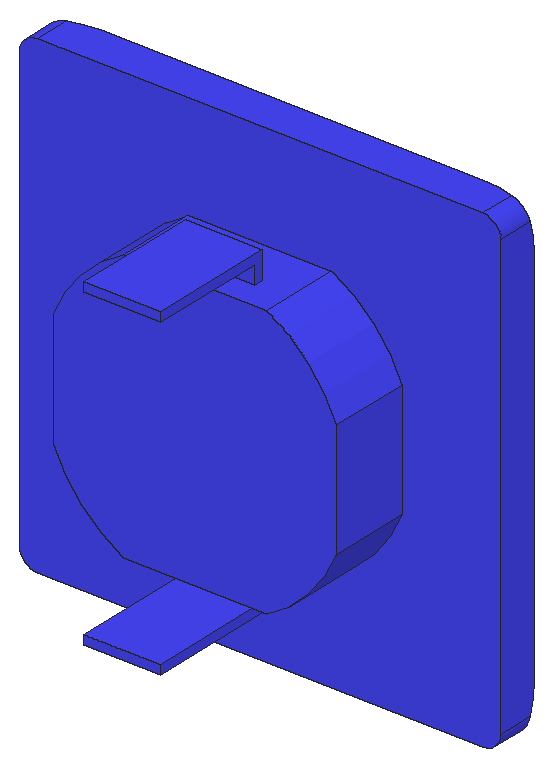
Revit family "IEK_РозеткаКомпьютерная_Встраиваемая_Одноместная IP20_ВЕГА", category Устройства связи, Revit 2019
Family settings
  Сохранять ориентацию аннотаций = Да
  Размер круглого соединителя = Использовать диаметр
  Тип детали = Нормальный
  На основе рабочей плоскости = Нет
  Всегда вертикально = Да
  При загрузке вырезать с полостями = Нет
  Общий = Нет
  Точка расчета площади = Нет
Parameters (values of type "РК10-ВБ RJ45 Cat5e")
  Ширина = 81.5 mm  # constant formula
  Тип монтажа = "Встраиваемый"  # constant formula
  Степень защиты = "IP20"  # constant formula
  Изготовитель = "IEK"  # constant formula
  Дата изменения = ""
  Глубина = 42.2 mm  # constant formula
  Высота = 81 mm  # constant formula
  ΔХ [instance] = 2000 mm
  ΔY [instance] = 2000 mm
  KSI_CPr_Строительные изделия = ""
  KSI_CMa_Строительные материалы = "01.7.14.03"  # constant formula
  IEK_Цена за единицу = 228.44
  IEK_Поиск в таблице имен = ""
  IEK_Описание = "Электроустановочные изделия серии \"ВЕГА\" IEK включают в себя розетки и выключатели для скрытого монтажа, которые хорошо впишутся в любой интерьер квартир, загородных домов, офисных и производственных помещений."
  IEK_URL = "https://www.iek.ru/products/catalog/izdeliya_elektroustanovochnye_udliniteli_i_silovye_razemy/elektroustanovochnye_izdeliya/elektroustanovochnye_izdeliya_skrytogo_montazha/elektroustanovochnye_izdeliya_vega/rozetka_1_mestnaya_kompyuternaya_rk10_vb_rj45_cat5e_vega_belyy_iek"
  ADSK_Примечание = ""
  ADSK_Позиция [instance] = ""
  ADSK_Наименование = "Розетка 1-местная компьютерная РК10-ВБ RJ45 Cat5e ВЕГА белый IEK"
  ADSK_Материал обозначение = ""
  ADSK_Материал наименование = "АБС-пластик"  # constant formula
  ADSK_Материал = Цвет белый
  ADSK_Масса = 0.044
  ADSK_Марка = "ВЕГА"  # constant formula
  ADSK_Код изделия = "EKV15-K01-DM"
  ADSK_Завод-изготовитель = "IEK"  # constant formula
  ADSK_Единица измерения = "шт"  # constant formula
  ADSK_Группирование = ""
  ADSK_Версия семейства = "1.00"  # constant formula
  ADSK_Версия Revit = "2019"  # constant formula
  ADSK_URL страницы изделия = "https://www.iek.ru/products/catalog/izdeliya_elektroustanovochnye_udliniteli_i_silovye_razemy/elektroustanovochnye_izdeliya/elektroustanovochnye_izdeliya_skrytogo_montazha/elektroustanovochnye_izdeliya_vega/?pagec=100"
Reference planes
  plane 1 "По центру (Вперед/Назад)": y = 0
  plane 2: z = 0
  plane 3 "По центру (Влево/Вправо)": x = 0
  plane 4 "Высота ножек": z = 280
  plane 5 "Высота": z = 2081.496
  plane 6: x = -2000
  plane 7: y = 2000
Forms (mm)
  Extrusion 1, solid, material "Цвет белый" <- "ADSK_Материал", detail levels fine
    sketch origin (0, 0, 40.187) x (-1, 0, 0) y (0, 0, 1)
      loop
        arc (-12.124, 23) -> (-19.255, 17.479) -> (-24, 9.811) r 25.342
        line (-24, 9.811) -> (-24, -9.811)
        arc (-24, -9.811) -> (-19.255, -17.479) -> (-12.124, -23) r 25.342
        line (-12.124, -23) -> (12.124, -23)
        arc (12.124, -23) -> (19.255, -17.479) -> (24, -9.811) r 25.342
        line (24, -9.811) -> (24, 9.811)
        arc (24, 9.811) -> (19.255, 17.479) -> (12.124, 23) r 25.342
        line (12.124, 23) -> (-12.124, 23)
    from 0 to -13.704
  Extrusion 2, solid, material "Цвет белый" <- "ADSK_Материал", detail levels fine
    sketch origin (0, 0, 40.187) x (-1, 0, 0) y (0, 0, 1)
      loop
        arc (-37.75, 40.813) -> (-39.871, 39.934) -> (-40.75, 37.813) r 3
        line (-40.75, 37.813) -> (-40.75, -37.25)
        arc (-40.75, -37.25) -> (-39.871, -39.371) -> (-37.75, -40.25) r 3
        line (-37.75, -40.25) -> (37.75, -40.25)
        arc (37.75, -40.25) -> (39.871, -39.371) -> (40.75, -37.25) r 3
        line (40.75, -37.25) -> (40.75, 37.813)
        arc (40.75, 37.813) -> (39.871, 39.934) -> (37.75, 40.813) r 3
        line (37.75, 40.813) -> (-37.75, 40.813)
    from 0 to 10
  Extrusion 3, void
    sketch origin (0, 0, 40.187) x (-1, 0, 0) y (0, 0, 1)
      loop
        line (5, -2.5) -> (5, 2.5) -> (3.46, 2.5) -> (3.46, 4.216) -> (1.531, 4.216) -> (1.531, 5.786) -> (0, 5.786) -> (-1.531, 5.786) -> (-1.531, 4.216) -> (-3.46, 4.216) -> (-3.46, 2.5) -> (-5, 2.5) -> (-5, -2.5) -> (5, -2.5)
    from 5 to 11.9
  Extrusion 4, solid, material "Цвет белый" <- "ADSK_Материал", detail levels fine
    sketch origin (-40.3, 9.274, 40.3) x (0, 0, -1) y (0, 1, 0)
      loop
        line (23.113, -17) -> (23.113, -18.5) -> (26, -18.5) -> (26, -38.474) -> (27.5, -38.474) -> (27.5, -17) -> (23.113, -17)
      loop
        line (-22.887, -17) -> (-27.5, -17) -> (-27.5, -38.474) -> (-26, -38.474) -> (-26, -18.5) -> (-22.887, -18.5) -> (-22.887, -17)
    from 33.8 to 46.8
  Extrusion 5, solid, material "Условный материал-отделка", detail levels coarse
    sketch origin (0, 0, 0) x (1, 0, 0) y (0, 1, 0)
      loop
        line (-40.75, 13) -> (-40.75, -29.2) -> (40.75, -29.2) -> (40.75, 13) -> (-40.75, 13)
    from 0 to 81
  Extrusion 6, solid, material "Условный материал-отделка", detail levels medium
    sketch origin (0, 1.1, 0) x (1, 0, 0) y (0, 1, 0)
      loop
        line (-40.75, 11.9) -> (-40.75, -30.3) -> (40.75, -30.3) -> (40.75, 11.9) -> (-40.75, 11.9)
    from 0 to 81
  Sweep 7, void
    path origin (0, 0, 0) x (1, 0, 0) y (0, 0, 1)
      loop
        line (32.71, 76) -> (-32.71, 76)
        arc (-32.71, 76) -> (-34.86, 75.11) -> (-35.75, 72.96) r 3.04
        line (-35.75, 72.96) -> (-35.75, 7.977)
        arc (-35.75, 7.977) -> (-34.86, 5.828) -> (-32.71, 4.937) r 3.04
        line (-32.71, 4.937) -> (32.71, 4.937)
        arc (32.71, 4.937) -> (34.86, 5.828) -> (35.75, 7.977) r 3.04
        line (35.75, 7.977) -> (35.75, 72.96)
        arc (35.75, 72.96) -> (34.86, 75.11) -> (32.71, 76) r 3.04
    profile origin (34.86, 0, 75.11) x (0.707107, 0, 0.707107) y (0, -1, 0)
      loop
        line (8.33, -5) -> (0, -10) -> (8.33, -10) -> (8.33, -5)
  Sweep 8, solid, material "Цвет белый" <- "ADSK_Материал", detail levels fine
    path origin (0, 0, 0) x (1, 0, 0) y (0, 0, 1)
      loop
        line (19, 63.187) -> (-19, 63.187)
        arc (-19, 63.187) -> (-22.536, 61.723) -> (-24, 58.187) r 5
        line (-24, 58.187) -> (-24, 22.187)
        arc (-24, 22.187) -> (-22.536, 18.652) -> (-19, 17.187) r 5
        line (-19, 17.187) -> (19, 17.187)
        arc (19, 17.187) -> (22.536, 18.652) -> (24, 22.187) r 5
        line (24, 22.187) -> (24, 58.187)
        arc (24, 58.187) -> (22.536, 61.723) -> (19, 63.187) r 5
    profile origin (0, 0, 63.187) x (0, 0, -1) y (0, -1, 0)
      loop
        line (0, -13) -> (0, -6.999) -> (-9.773, -6.999) -> (0, -13)
Cuts and joins
  Extrusion 3, Sweep 7 cuts Extrusion 2
Lines and regions (mm)
  reference lines
    curve 1: line (0, 32.62, 0) -> (0, -67.38, 0)
    curve 2: line (-40.265, 0, 0) -> (99.735, 0, 0)
Dimensions and locks
  locked: plane 4 "Высота ножек" to plane 2 at 280
  plane 5 "Высота" to plane 4 "Высота ножек" = 1801.496 mm
  "ΔХ": plane 6 to curve 1
  "ΔY": plane 7 to curve 2
  aligned and locked: level to plane 2
  aligned and locked: nested 1 to curve 1
  aligned and locked: curve 2 to nested 1
  aligned and locked: Extrusion 5 to Extrusion 6  (x2)
Automatic sketch dimensions
  plane 3 "По центру (Влево/Вправо)" to Extrusion 1 sketch curve = 24 mm
  plane 3 "По центру (Влево/Вправо)" to Extrusion 1 sketch curve = 12.124 mm  (x2)
  plane 3 "По центру (Влево/Вправо)" to Extrusion 1 sketch curve = 0.422 mm  (x2)
  Extrusion 1 sketch curve to plane 3 "По центру (Влево/Вправо)" = 0.422 mm  (x2)
  Extrusion 1 sketch curve to plane 3 "По центру (Влево/Вправо)" = 12.124 mm  (x2)
  Extrusion 1 sketch curve to Extrusion 1 sketch curve = 11.876 mm
  level to Extrusion 1 sketch curve = 17.187 mm
  Extrusion 1 sketch curve to Extrusion 1 sketch curve = 13.189 mm  (x2)
  Extrusion 1 sketch curve to Extrusion 1 sketch curve = 1.043 mm
  Extrusion 1 sketch curve to Extrusion 1 sketch curve = 0 mm
  Extrusion 1 sketch curve to Extrusion 1 sketch curve = 19.622 mm
  Extrusion 5 sketch curve to plane 3 "По центру (Влево/Вправо)" = 40.75 mm
  plane 3 "По центру (Влево/Вправо)" to Extrusion 5 sketch curve = 40.75 mm
  plane 1 "По центру (Вперед/Назад)" to Extrusion 5 sketch curve = 29.2 mm
  Extrusion 5 sketch curve to plane 1 "По центру (Вперед/Назад)" = 13 mm
  Extrusion 6 sketch curve to plane 3 "По центру (Влево/Вправо)" = 40.75 mm
  plane 3 "По центру (Влево/Вправо)" to Extrusion 6 sketch curve = 40.75 mm
  plane 1 "По центру (Вперед/Назад)" to Extrusion 6 sketch curve = 29.2 mm
  Extrusion 6 sketch curve to plane 1 "По центру (Вперед/Назад)" = 13 mm
  plane 1 "По центру (Вперед/Назад)" to Extrusion 4 sketch curve = 7.726 mm  (x2)
  level to Extrusion 4 sketch curve = 67.8 mm
  Extrusion 4 sketch curve to Extrusion 4 sketch curve = 1.5 mm  (x4)
  Extrusion 4 sketch curve to Extrusion 4 sketch curve = 3.113 mm
  level to Extrusion 4 sketch curve = 17.187 mm
  Extrusion 4 sketch curve to Extrusion 4 sketch curve = 2.887 mm
  Extrusion 4 sketch curve to Extrusion 4 sketch curve = 19.974 mm  (x2)
  level to Extrusion 2 sketch curve = 2.937 mm
  plane 3 "По центру (Влево/Вправо)" to Extrusion 2 sketch curve = 40.75 mm
  Extrusion 2 sketch curve to level = 0.063 mm
  Extrusion 2 sketch curve to Extrusion 2 sketch curve = 3 mm  (x2)
  Extrusion 2 sketch curve to plane 3 "По центру (Влево/Вправо)" = 37.75 mm  (x2)
  Extrusion 2 sketch curve to Extrusion 2 sketch curve = 75.063 mm
  Sweep 7 sketch curve to plane 3 "По центру (Влево/Вправо)" = 35.75 mm
  Sweep 7 sketch curve to Sweep 7 sketch curve = 3.04 mm  (x3)
  level to Sweep 7 sketch curve = 7.977 mm
  plane 3 "По центру (Влево/Вправо)" to Sweep 7 sketch curve = 32.71 mm  (x2)
  Sweep 7 sketch curve to Sweep 7 sketch curve = 64.984 mm
  Sweep 7 sketch curve to profile plane = 0 mm
  Sweep 7 sketch curve to Sweep 7 sketch curve = 8.33 mm
  Sweep 7 sketch curve to plane 1 "По центру (Вперед/Назад)" = 10 mm
  Sweep 7 sketch curve to plane 1 "По центру (Вперед/Назад)" = 5 mm
  Sweep 8 sketch curve to plane 3 "По центру (Влево/Вправо)" = 24 mm
  Sweep 8 sketch curve to Sweep 8 sketch curve = 5 mm  (x3)
  plane 3 "По центру (Влево/Вправо)" to Sweep 8 sketch curve = 19 mm  (x2)
  level to Sweep 8 sketch curve = 17.187 mm
  Sweep 8 sketch curve to Sweep 8 sketch curve = 36 mm
  Sweep 8 sketch curve to profile plane = 0 mm
  Sweep 8 sketch curve to plane 1 "По центру (Вперед/Назад)" = 13 mm
  Sweep 8 sketch curve to Sweep 8 sketch curve = 6.001 mm
  profile plane to Sweep 8 sketch curve = 9.773 mm
  Extrusion 3 sketch curve to plane 3 "По центру (Влево/Вправо)" = 0 mm
  plane 3 "По центру (Влево/Вправо)" to Extrusion 3 sketch curve = 1.531 mm
  Extrusion 3 sketch curve to Extrusion 3 sketch curve = 1.93 mm  (x2)
  Extrusion 3 sketch curve to Extrusion 3 sketch curve = 1.54 mm  (x2)
  Extrusion 3 sketch curve to plane 3 "По центру (Влево/Вправо)" = 1.531 mm
  level to Extrusion 3 sketch curve = 37.687 mm
  Extrusion 3 sketch curve to Extrusion 3 sketch curve = 5 mm  (x2)
  Extrusion 3 sketch curve to Extrusion 3 sketch curve = 1.716 mm  (x2)
  Extrusion 3 sketch curve to Extrusion 3 sketch curve = 1.571 mm
  curve 2 to plane 3 "По центру (Влево/Вправо)" = 40.265 mm
  plane 3 "По центру (Влево/Вправо)" to curve 2 = 99.735 mm
  plane 1 "По центру (Вперед/Назад)" to curve 1 = 67.38 mm
  curve 1 to plane 1 "По центру (Вперед/Назад)" = 32.62 mm
Nested families
  nested 1: "УГО Розетки связистской" at (0, 0, 0), type "Розетка сетевая (Интернет)", detail levels coarse+medium
Connectors
  electrical at (0, -8.1, 0)
    settings: on Extrusion 5, index 1, voltage 0 V, apparent load 0 VA, apparent load phase1 0 VA, apparent load phase2 0 VA, apparent load phase3 0 VA, power factor 1, load classification "Прочее", number of poles 1, system type 9, power factor state 1, is connector primary yes, connector utility no, sub classification motor no, connector description ""
Definition of nested family "УГО Розетки связистской"
  Parameters (values of type "Розетка телефонная")
    Розетка телефонная = yes
    Розетка сетевая (Интернет) = no
    Розетка сетевая и телефонная = no
    Розетка телевизионная = no
  Types (4, lengths in mm): name | Розетка телефонная | Розетка сетевая (Интернет) | Розетка сетевая и телефонная | Розетка телевизионная
    Розетка телевизионная | no | no | no | yes
    Розетка сетевая (Интернет) | no | yes | no | no
    Розетка сетевая и телефонная | no | no | yes | no
    Розетка телефонная | yes | no | no | no
  Reference planes
    plane 1: y = 0
    plane 2: x = 0
  Lines and regions (mm)
    Filled region 1, type "Цветовая область 1", visible <- "Розетка телефонная"
      outline origin (0, 0, 0) x (1, 0, 0) y (0, 1, 0)
        loop
          line (-0.512, 1.977) -> (-0.512, 3.023) -> (-1.53, 3.023) -> (-1.53, 1.977) -> (-0.512, 1.977)
        loop
          line (0.512, 1.977) -> (1.53, 1.977) -> (1.53, 3.023) -> (0.512, 3.023) -> (0.512, 1.977)
    Filled region 2, type "Цветовая область 1", visible <- "Розетка телефонная", not visible
      outline origin (0, 0, 0) x (1, 0, 0) y (0, 1, 0)
        loop
          line (8.078, 7.617) -> (8.078, 8.664) -> (7.06, 8.664) -> (7.06, 7.617) -> (8.078, 7.617)
        loop
          line (9.101, 7.617) -> (10.119, 7.617) -> (10.119, 8.664) -> (9.101, 8.664) -> (9.101, 7.617)
    Filled region 3, type "Цветовая область 1", visible <- "Розетка сетевая и телефонная"
      outline origin (0, 0, 0) x (1, 0, 0) y (0, 1, 0)
        loop
          line (0.994, 4) -> (0.994, 3) -> (1.994, 3) -> (1.994, 4) -> (0.994, 4)
        loop
          line (3.019, 3) -> (4.019, 3) -> (4.019, 4) -> (3.019, 4) -> (3.019, 3)
    Filled region 4, type "Цветовая область 1", visible <- "Розетка сетевая и телефонная", not visible
      outline origin (0, 0, 0) x (1, 0, 0) y (0, 1, 0)
        loop
          line (28.769, 14.987) -> (28.769, 13.987) -> (29.769, 13.987) -> (29.769, 14.987) -> (28.769, 14.987)
        loop
          line (30.794, 13.987) -> (31.794, 13.987) -> (31.794, 14.987) -> (30.794, 14.987) -> (30.794, 13.987)
    detail lines
      curve 1: line (0.006, 0, 0) -> (0.006, 2.454, 0)
      curve 2: line (0.006, 0, 0) -> (2.217, 0, 0)
    detail lines, visible <- "Розетка сетевая (Интернет)", not visible
      curve 3: line (2.5, 1.221, 0) -> (-2.5, 1.221, 0)
      curve 4: line (2.5, 6.221, 0) -> (-2.5, 6.221, 0)
      curve 5: line (0, 6.221, 0) -> (-2.5, 1.221, 0)
      curve 6: line (0, 6.221, 0) -> (2.5, 1.221, 0)
    detail lines, visible <- "Розетка телевизионная", not visible
      curve 7: line (19.458, 13.285, 0) -> (24.458, 13.285, 0)
      curve 8: line (19.458, 8.285, 0) -> (24.458, 8.285, 0)
      curve 9: line (21.958, 13.285, 0) -> (19.458, 8.285, 0)
      curve 10: line (21.958, 13.285, 0) -> (24.458, 8.285, 0)
    detail lines, visible <- "Розетка сетевая (Интернет)"
      curve 11: line (2.506, 0, 0) -> (-2.494, 0, 0)
      curve 12: line (2.506, 5, 0) -> (-2.494, 5, 0)
      curve 13: line (0.006, 5, 0) -> (-2.494, 0, 0)
      curve 14: line (0.006, 5, 0) -> (2.506, 0, 0)
    detail lines, visible <- "Розетка телевизионная"
      curve 15: line (-2.494, 5, 0) -> (2.506, 5, 0)
      curve 16: line (-2.494, 0, 0) -> (2.506, 0, 0)
      curve 17: line (0.006, 5, 0) -> (-2.494, 0, 0)
      curve 18: line (0.006, 5, 0) -> (2.506, 0, 0)
    detail lines, visible <- "Розетка телефонная"
      curve 19: circle (0.006, 2.5, 0) r 2.5 normal (0, 0, 1)
      curve 21: line (-1.53, 3.023, 0) -> (-1.53, 1.977, 0)
      curve 22: line (-1.53, 1.977, 0) -> (-0.512, 1.977, 0)
      curve 23: line (-0.512, 1.977, 0) -> (-0.512, 3.023, 0)
      curve 24: line (-0.512, 3.023, 0) -> (-1.53, 3.023, 0)
      curve 25: line (1.53, 3.023, 0) -> (1.53, 1.977, 0)
      curve 26: line (1.53, 1.977, 0) -> (0.512, 1.977, 0)
      curve 27: line (0.512, 1.977, 0) -> (0.512, 3.023, 0)
      curve 28: line (0.512, 3.023, 0) -> (1.53, 3.023, 0)
    detail lines, visible <- "Розетка телефонная", not visible
      curve 20: circle (8.596, 8.14, 0) r 2.5 normal (0, 0, 1)
      curve 29: line (7.06, 8.664, 0) -> (7.06, 7.617, 0)
      curve 30: line (7.06, 7.617, 0) -> (8.078, 7.617, 0)
      curve 31: line (8.078, 7.617, 0) -> (8.078, 8.664, 0)
      curve 32: line (8.078, 8.664, 0) -> (7.06, 8.664, 0)
      curve 33: line (10.119, 8.664, 0) -> (10.119, 7.617, 0)
      curve 34: line (10.119, 7.617, 0) -> (9.101, 7.617, 0)
      curve 35: line (9.101, 7.617, 0) -> (9.101, 8.664, 0)
      curve 36: line (9.101, 8.664, 0) -> (10.119, 8.664, 0)
    detail lines, visible <- "Розетка сетевая и телефонная"
      curve 37: line (-5.994, 7, 0) -> (6.006, 7, 0)
      curve 38: line (-5.994, 0, 0) -> (-5.994, 7, 0)
      curve 39: line (6.006, 0, 0) -> (-5.994, 0, 0)
      curve 40: line (6.006, 7, 0) -> (6.006, 0, 0)
      curve 41: line (-4.994, 1, 0) -> (0.006, 1, 0)
      curve 42: line (-2.474, 6, 0) -> (-4.994, 1, 0)
      curve 43: line (-2.474, 6, 0) -> (0.006, 1, 0)
      curve 44: circle (2.506, 3.5, 0) r 2.5 normal (0, 0, 1)
      curve 45: line (-4.994, 6, 0) -> (0.006, 6, 0)
      curve 46: line (0.994, 4, 0) -> (0.994, 3, 0)
      curve 47: line (0.994, 3, 0) -> (1.994, 3, 0)
      curve 48: line (1.994, 3, 0) -> (1.994, 4, 0)
      curve 49: line (1.994, 4, 0) -> (0.994, 4, 0)
      curve 50: line (4.019, 4, 0) -> (4.019, 3, 0)
      curve 51: line (4.019, 3, 0) -> (3.019, 3, 0)
      curve 52: line (3.019, 3, 0) -> (3.019, 4, 0)
      curve 53: line (3.019, 4, 0) -> (4.019, 4, 0)
    detail lines, visible <- "Розетка сетевая и телефонная", not visible
      curve 54: line (21.782, 17.987, 0) -> (33.782, 17.987, 0)
      curve 55: line (21.782, 10.987, 0) -> (21.782, 17.987, 0)
      curve 56: line (33.782, 10.987, 0) -> (21.782, 10.987, 0)
      curve 57: line (33.782, 17.987, 0) -> (33.782, 10.987, 0)
      curve 58: line (22.782, 11.987, 0) -> (27.782, 11.987, 0)
      curve 59: line (25.301, 16.987, 0) -> (22.782, 11.987, 0)
      curve 60: line (25.301, 16.987, 0) -> (27.782, 11.987, 0)
      curve 61: circle (30.282, 14.487, 0) r 2.5 normal (0, 0, 1)
      curve 62: line (22.782, 16.987, 0) -> (27.782, 16.987, 0)
      curve 63: line (28.769, 14.987, 0) -> (28.769, 13.987, 0)
      curve 64: line (28.769, 13.987, 0) -> (29.769, 13.987, 0)
      curve 65: line (29.769, 13.987, 0) -> (29.769, 14.987, 0)
      curve 66: line (29.769, 14.987, 0) -> (28.769, 14.987, 0)
      curve 67: line (31.794, 14.987, 0) -> (31.794, 13.987, 0)
      curve 68: line (31.794, 13.987, 0) -> (30.794, 13.987, 0)
      curve 69: line (30.794, 13.987, 0) -> (30.794, 14.987, 0)
      curve 70: line (30.794, 14.987, 0) -> (31.794, 14.987, 0)
  Text (mm)
    text "TV" at (20.688, 11.147, 0), visible <- "Розетка телевизионная", not visible
    text "TV" at (-1.264, 2.862, 0), visible <- "Розетка телевизионная"
